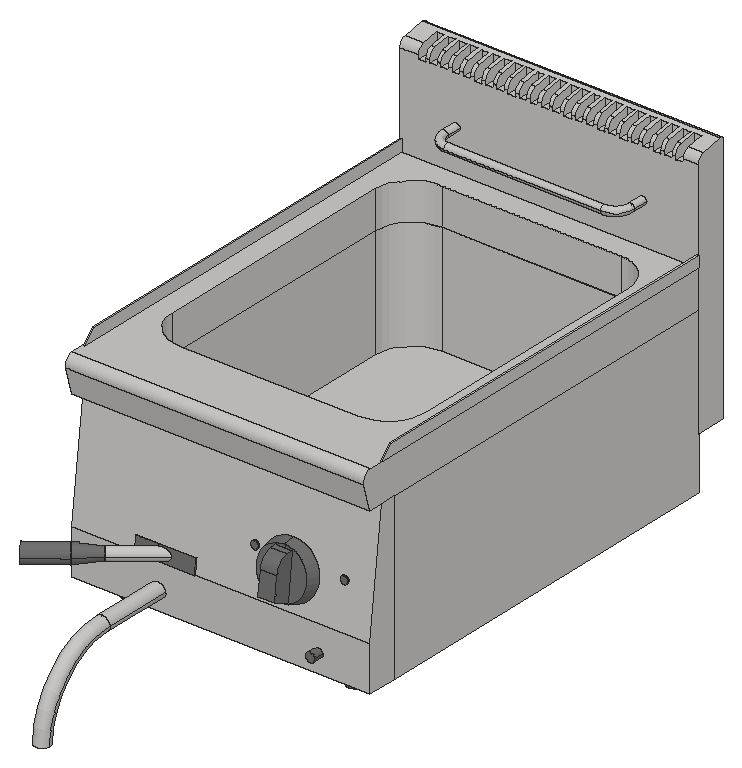
Revit family "QF_GIORIK_LFE4750", category Specialty Equipment, Revit 2014
Parameters (values of type "LFE4750")
  Weight in Pounds = 48.5016
  Watts = 3300 W
  Volts = 230 V
  URL Cutsheet = "www.giorik.com"
  URL = "www.giorik.com"
  Status [instance] = ""
  Specification by User [instance] = ""
  Specification by Manufacturer = ""
  Show Logo [instance] = yes
  Show Clearance [instance] = yes
  Serial Number = ""
  Seismic Rating = ""
  SMACNA No = ""
  Revision Code [instance] = ""
  Phase = 1
  Number of Poles [instance] = 1
  NAFEM Spec ID Number = ""
  Model = "LFE4750"
  Min Ckt Ampacity = 0 A
  Max Overcurrent Protection = 0 A
  Masterspec = ""
  Manufacturer = "GIORIK"
  Item Number [instance] = ""
  Installed By [instance] = ""
  Identify Quantity as Lot [instance] = no
  HP = "4.425366000000"
  Furnished By [instance] = ""
  Foodservice Equipment Identifier [instance] = yes
  FL Amps = 0 A
  Electrical Remarks [instance] = ""
  Electric Connection Type [instance] = ""
  Elec Conn RI Height [instance] = 0 mm
  Elec Conn Connection Height [instance] = 45 mm
  Description = "FRYER WITH FIXED HEATING ELEMENTS ELECTRIC 6 LT"
  Cycle = 50 Hz
  Conn Plug = ""
  CSI MasterFormat = ""
  Assembly Code = "E1090320"
  Apparent Power = 3300 VA
Reference planes
  plane 1 "Back": y = 0
  plane 2: z = 0
  plane 3 "Left": x = 0
  plane 4 "Right": x = 400
  plane 5 "Front": y = -600
  plane 6 "Top": z = 430
Forms (mm)
  Extrusion 1, solid
    sketch origin (0, 1000, -578.42) x (0, 1, 0) y (0, 0, 1)
      loop
        line (-1040.007, 869.975) -> (-1589.445, 869.975)
        arc (-1589.445, 869.975) -> (-1598.171, 865.672) -> (-1600.069, 856.13) r 10.999
        line (-1600.069, 856.13) -> (-1590.388, 820) -> (-1040.007, 820) -> (-1040.007, 869.975)
    from 0 to 400
  Extrusion 2, solid
    sketch origin (0, 0, -558.42) x (0, 1, 0) y (0, 0, 1)
      loop
        line (-570.06, 849.975) -> (-40.007, 849.975) -> (-40.007, 864.975) -> (-555.06, 864.975) -> (-570.06, 849.975)
    from 0 to 1.85
  Extrusion 3, solid
    sketch origin (0, 0, -558.42) x (0, 1, 0) y (0, 0, 1)
      loop
        line (-40.007, 800) -> (-550, 800) -> (-550, 580) -> (-40.007, 580) -> (-40.007, 800)
    from 0 to 400
  Extrusion 4, solid
    sketch origin (0, 0, -558.42) x (0, 1, 0) y (0, 0, 1)
      loop
        line (-550, 800) -> (-570.5, 800) -> (-590, 640) -> (-590, 580) -> (-550, 580) -> (-550, 800)
    from 0 to 400
  Extrusion 5, solid
    sketch origin (398.094, 0, -558.42) x (0, 1, 0) y (0, 0, 1)
      loop
        line (-570.06, 849.975) -> (-40.007, 849.975) -> (-40.007, 864.975) -> (-555.06, 864.975) -> (-570.06, 849.975)
    from -0.15 to 1.906
  Extrusion 6, solid
    sketch origin (0, 0, -558.42) x (0, 1, 0) y (0, 0, 1)
      loop
        line (-40.007, 974.217) -> (-40.007, 650.827) -> (0, 650.827) -> (0, 988.42)
        arc (0, 988.42) -> (-0.57, 989.648) -> (-1.878, 990) r 1.6
        line (-1.878, 990) -> (-31.072, 984.852)
        arc (-31.072, 984.852) -> (-37.477, 981.162) -> (-40.007, 974.217) r 10.797
    from 0 to 400
  Extrusion 7, solid
    sketch origin (368.319, 0, -561) x (1, 0, 0) y (0, 0, 1)
      loop
        circle (-38.319, 606) r 12.5
    from 20.007 to 40.007
  Extrusion 8, void
    sketch origin (10, 0, 431.58) x (0, 1, 0) y (-1, 0, 0)
      loop
        line (-40.007, -25) -> (-9.931, -25) -> (-9.931, -15) -> (-40.007, -15) -> (-40.007, -25)
      loop
        line (-40.007, -40) -> (-9.931, -40) -> (-9.931, -30) -> (-40.007, -30) -> (-40.007, -40)
      loop
        line (-40.007, -55) -> (-9.931, -55) -> (-9.931, -45) -> (-40.007, -45) -> (-40.007, -55)
      loop
        line (-40.007, -70) -> (-9.931, -70) -> (-9.931, -60) -> (-40.007, -60) -> (-40.007, -70)
      loop
        line (-40.007, -85) -> (-9.931, -85) -> (-9.931, -75) -> (-40.007, -75) -> (-40.007, -85)
      loop
        line (-40.007, -100) -> (-9.931, -100) -> (-9.931, -90) -> (-40.007, -90) -> (-40.007, -100)
      loop
        line (-40.007, -115) -> (-9.931, -115) -> (-9.931, -105) -> (-40.007, -105) -> (-40.007, -115)
      loop
        line (-40.007, -130) -> (-9.931, -130) -> (-9.931, -120) -> (-40.007, -120) -> (-40.007, -130)
      loop
        line (-40.007, -145) -> (-9.931, -145) -> (-9.931, -135) -> (-40.007, -135) -> (-40.007, -145)
      loop
        line (-40.007, -160) -> (-9.931, -160) -> (-9.931, -150) -> (-40.007, -150) -> (-40.007, -160)
      loop
        line (-40.007, -175) -> (-9.931, -175) -> (-9.931, -165) -> (-40.007, -165) -> (-40.007, -175)
      loop
        line (-40.007, -190) -> (-9.931, -190) -> (-9.931, -180) -> (-40.007, -180) -> (-40.007, -190)
      loop
        line (-40.007, -205) -> (-9.931, -205) -> (-9.931, -195) -> (-40.007, -195) -> (-40.007, -205)
      loop
        line (-40.007, -220) -> (-9.931, -220) -> (-9.931, -210) -> (-40.007, -210) -> (-40.007, -220)
      loop
        line (-40.007, -235) -> (-9.931, -235) -> (-9.931, -225) -> (-40.007, -225) -> (-40.007, -235)
      loop
        line (-40.007, -250) -> (-9.931, -250) -> (-9.931, -240) -> (-40.007, -240) -> (-40.007, -250)
      loop
        line (-40.007, -265) -> (-9.931, -265) -> (-9.931, -255) -> (-40.007, -255) -> (-40.007, -265)
      loop
        line (-40.007, -280) -> (-9.931, -280) -> (-9.931, -270) -> (-40.007, -270) -> (-40.007, -280)
      loop
        line (-40.007, -295) -> (-9.931, -295) -> (-9.931, -285) -> (-40.007, -285) -> (-40.007, -295)
      loop
        line (-40.007, -310) -> (-9.931, -310) -> (-9.931, -300) -> (-40.007, -300) -> (-40.007, -310)
      loop
        line (-40.007, -325) -> (-9.931, -325) -> (-9.931, -315) -> (-40.007, -315) -> (-40.007, -325)
      loop
        line (-40.007, -340) -> (-9.931, -340) -> (-9.931, -330) -> (-40.007, -330) -> (-40.007, -340)
      loop
        line (-40.007, -355) -> (-9.931, -355) -> (-9.931, -345) -> (-40.007, -345) -> (-40.007, -355)
      loop
        line (-40.007, -370) -> (-9.931, -370) -> (-9.931, -360) -> (-40.007, -360) -> (-40.007, -370)
    from 0 to -20
  Extrusion 9, solid
    sketch origin (566.603, 14.286, -28.42) x (0, 1, 0) y (-1, 0, 0)
      loop
        circle (-79.293, 516.603) r 5
    from 40.385 to 50
  Revolve 10, solid
    sketch origin (50, 18.936, -600) x (0, 1, 0) y (0, 0, 1)
      loop
        line (-83.943, 611.965) -> (-94.752, 611.965) -> (-97.943, 600) -> (-83.943, 600) -> (-83.943, 611.965)
      axis (-83.943, 611.965) -> (-83.943, 600)
    angle from 0 to 360
  Extrusion 11, solid
    sketch origin (-166.603, 14.286, -28.42) x (0, 1, 0) y (-1, 0, 0)
      loop
        circle (-79.293, -516.603) r 5
    from 40.385 to 50
  Revolve 12, solid
    sketch origin (350, 18.936, -600) x (0, 1, 0) y (0, 0, -1)
      loop
        line (-83.943, -611.965) -> (-83.943, -600) -> (-97.943, -600) -> (-94.752, -611.965) -> (-83.943, -611.965)
      axis (-83.943, -611.965) -> (-83.943, -600)
    angle from 0 to 360
  Extrusion 13, solid
    sketch origin (566.603, -469.707, -30) x (0, 1, 0) y (-1, 0, 0)
      loop
        circle (-79.293, 516.603) r 5
    from 41.965 to 51.58
  Revolve 14, solid
    sketch origin (50, -465.057, -600) x (0, 1, 0) y (0, 0, 1)
      loop
        line (-83.943, 611.965) -> (-94.752, 611.965) -> (-97.943, 600) -> (-83.943, 600) -> (-83.943, 611.965)
      axis (-83.943, 611.965) -> (-83.943, 600)
    angle from 0 to 360
  Extrusion 15, solid
    sketch origin (-166.603, -469.707, -30) x (0, 1, 0) y (-1, 0, 0)
      loop
        circle (-79.293, -516.603) r 5
    from 41.965 to 51.58
  Revolve 16, solid
    sketch origin (350, -465.057, -600) x (0, 1, 0) y (0, 0, -1)
      loop
        line (-83.943, -611.965) -> (-83.943, -600) -> (-97.943, -600) -> (-94.752, -611.965) -> (-83.943, -611.965)
      axis (-83.943, -611.965) -> (-83.943, -600)
    angle from 0 to 360
  Extrusion 17, void
    sketch origin (0, 0, 430) x (0, 1, 0) y (-1, 0, 0)
      loop
        arc (-70, -80) -> (-84.645, -44.645) -> (-120, -30) r 50
        line (-120, -30) -> (-460, -30)
        arc (-460, -30) -> (-495.355, -44.645) -> (-510, -80) r 50
        line (-510, -80) -> (-510, -320.349)
        arc (-510, -320.349) -> (-495.355, -355.704) -> (-460, -370.349) r 50
        line (-460, -370.349) -> (-120, -370.349)
        arc (-120, -370.349) -> (-84.645, -355.704) -> (-70, -320.349) r 50
        line (-70, -320.349) -> (-70, -80)
    from -97.843 to -337.592
  Sweep 18, solid
    path origin (0, -95.007, 346.556) x (0, 1, 0) y (-1, 0, 0)
      loop
        line (55, -75) -> (35, -75)
        arc (35, -75) -> (20.858, -80.858) -> (15, -95) r 20
        line (15, -95) -> (15, -305)
        arc (15, -305) -> (20.858, -319.142) -> (35, -325) r 20
        line (35, -325) -> (55, -325)
    profile origin (75, -50.007, 346.556) x (1, 0, 0) y (0, 0, 1)
      loop
        circle (0, 0) r 5
  Sweep 19, solid
    path origin (115, 226.022, -176.065) x (0, 1, 0) y (0, 0, 1)
      loop
        line (-814.022, 222.645) -> (-909.022, 222.645)
        arc (-909.022, 222.645) -> (-979.733, 193.356) -> (-1009.022, 122.645) r 100
    profile origin (115, -635.5, 46.58) x (0, 0, -1) y (1, 0, 0)
      loop
        circle (0, 0) r 10
  Extrusion 20, solid
    sketch origin (-434.91, -588.777, -671.509) x (1, 0, 0) y (0, 0.001091, 0.999999)
      loop
        circle (764.91, 718.089) r 6
    from 0 to 15
  Blend 21, solid
    base sketch origin (616.882, -104.536, -902.739) x (0.615661, -0.788011, 0) y (0, 0, 1)
      loop
        circle (76.097, 994.319) r 8
    top sketch origin (616.882, -104.536, -902.739) x (0.615661, -0.788011, 0) y (0, 0, 1)
      loop
        circle (76.097, 994.319) r 12
    from 750.092 to 785.1
  Extrusion 22, solid
    sketch origin (608.056, -96.203, -914.17) x (0.615661, -0.788011, 0) y (0, 0, 1)
      loop
        circle (88.097, 1005.786) r 12
    from 783.275 to 836.3
  Extrusion 23, solid
    sketch origin (-402.728, -17.847, -369.564) x (-0.615661, 0.788011, 0) y (0, 0, 1)
      loop
        circle (-772.143, 461.145) r 8
    from 0 to 79.992
  Extrusion 24, solid
    sketch origin (0, -17.89, -65.171) x (1, 0, 0) y (0, 0.12098, 0.992655)
      loop
        line (84.851, 96.58) -> (84.851, 76.58) -> (164.851, 76.58) -> (164.851, 96.58) -> (84.851, 96.58)
    from 584.669 to 586.623
  Revolve 25, solid
    sketch origin (300.155, 0.456, -559.632) x (0, 1, 0) y (0, 0, 1)
      loop
        line (-598.03, 706.389) -> (-594.27, 737.013) -> (-609.648, 734.852) -> (-613.772, 701.269) -> (-581.482, 697.305) -> (-580.629, 704.252) -> (-598.03, 706.389)
      axis (-581.482, 697.305) -> (-613.772, 701.269)
    angle from 0 to 360
  Extrusion 26, solid
    sketch origin (137.169, 0.456, -559.632) x (0, 1, 0) y (0, 0, 1)
      loop
        line (-635.843, 711.553) -> (-639.647, 680.575) -> (-617.415, 671.593) -> (-610.135, 730.882) -> (-617.934, 729.786)
        arc (-617.934, 729.786) -> (-629.982, 723.708) -> (-635.843, 711.553) r 20.998
    from 151.831 to 173.831
  Extrusion 27, solid
    sketch origin (249, -596.729, 1.336) x (1, 0, 0) y (0, 0.099832, 0.995004)
      loop
        circle (111, 140.949) r 5
    from 0 to 0.966
  Extrusion 28, solid
    sketch origin (151.155, -596.729, 1.336) x (1, 0, 0) y (0, 0.099832, 0.995004)
      loop
        circle (89, 140.949) r 5
    from 0 to 0.966
Cuts and joins
  Extrusion 8 cuts Extrusion 6
  Extrusion 17 cuts Extrusion 1
  Extrusion 17 cuts Extrusion 3
Lines and regions (mm)
  symbolic lines, style "200-EquipInternal-2D"
    curve 1: line (25, -9.931, 290) -> (25, -40.007, 290)
    curve 2: line (35, -40.007, 290) -> (35, -9.931, 290)
    curve 3: line (40, -9.931, 290) -> (40, -40.007, 290)
    curve 4: line (50, -40.007, 290) -> (50, -9.931, 290)
    curve 5: line (55, -9.931, 290) -> (55, -40.007, 290)
    curve 6: line (65, -40.007, 290) -> (65, -9.931, 290)
    curve 7: line (85, -9.931, 290) -> (85, -40.007, 290)
    curve 8: line (95, -40.007, 290) -> (95, -9.931, 290)
    curve 9: line (100, -9.931, 290) -> (100, -40.007, 290)
    curve 10: line (110, -40.007, 290) -> (110, -9.931, 290)
    curve 11: line (140, -40.007, 290) -> (140, -9.931, 290)
    curve 12: line (130, -9.931, 290) -> (130, -40.007, 290)
    curve 13: line (155, -40.007, 290) -> (155, -9.931, 290)
    curve 14: line (160, -9.931, 290) -> (160, -40.007, 290)
    curve 15: line (170, -40.007, 290) -> (170, -9.931, 290)
    curve 16: line (145, -9.931, 290) -> (145, -40.007, 290)
    curve 17: line (200, -40.007, 290) -> (200, -9.931, 290)
    curve 18: line (190, -9.931, 290) -> (190, -40.007, 290)
    curve 19: line (205, -9.931, 290) -> (205, -40.007, 290)
    curve 20: line (215, -40.007, 290) -> (215, -9.931, 290)
    curve 21: line (220, -9.931, 290) -> (220, -40.007, 290)
    curve 22: line (230, -40.007, 290) -> (230, -9.931, 290)
    curve 23: line (250, -9.931, 290) -> (250, -40.007, 290)
    curve 24: line (260, -40.007, 290) -> (260, -9.931, 290)
    curve 25: line (265, -9.931, 290) -> (265, -40.007, 290)
    curve 26: line (275, -40.007, 290) -> (275, -9.931, 290)
    curve 27: line (280, -9.931, 290) -> (280, -40.007, 290)
    curve 28: line (290, -40.007, 290) -> (290, -9.931, 290)
    curve 29: line (320, -40.007, 290) -> (320, -9.931, 290)
    curve 30: line (310, -9.931, 290) -> (310, -40.007, 290)
    curve 31: line (335, -40.007, 290) -> (335, -9.931, 290)
    curve 32: line (325, -9.931, 290) -> (325, -40.007, 290)
    curve 33: line (340, -9.931, 290) -> (340, -40.007, 290)
    curve 34: line (350, -40.007, 290) -> (350, -9.931, 290)
    curve 35: line (370, -9.931, 290) -> (370, -40.007, 290)
    curve 36: line (380, -40.007, 290) -> (380, -9.931, 290)
    curve 37: line (380, -9.931, 290) -> (370, -9.931, 290)
    curve 38: line (350, -9.931, 290) -> (340, -9.931, 290)
    curve 39: line (335, -9.931, 290) -> (325, -9.931, 290)
    curve 40: line (320, -9.931, 290) -> (310, -9.931, 290)
    curve 41: line (275, -9.931, 290) -> (265, -9.931, 290)
    curve 42: line (110, -9.931, 290) -> (100, -9.931, 290)
    curve 43: line (95, -9.931, 290) -> (85, -9.931, 290)
    curve 44: line (65, -9.931, 290) -> (55, -9.931, 290)
    curve 45: line (35, -9.931, 290) -> (25, -9.931, 290)
    curve 46: line (140, -9.931, 290) -> (130, -9.931, 290)
    curve 47: line (155, -9.931, 290) -> (145, -9.931, 290)
    curve 48: line (170, -9.931, 290) -> (160, -9.931, 290)
    curve 49: line (200, -9.931, 290) -> (190, -9.931, 290)
    curve 50: line (215, -9.931, 290) -> (205, -9.931, 290)
    curve 51: line (230, -9.931, 290) -> (220, -9.931, 290)
    curve 52: line (260, -9.931, 290) -> (250, -9.931, 290)
    curve 53: line (50, -9.931, 290) -> (40, -9.931, 290)
    curve 54: line (70, -9.931, 430) -> (70, -40.007, 430)
    curve 55: line (80, -40.007, 430) -> (80, -9.931, 430)
    curve 56: line (80, -9.931, 430) -> (70, -9.931, 430)
    curve 57: line (175, -9.931, 430) -> (175, -40.007, 430)
    curve 58: line (185, -40.007, 430) -> (185, -9.931, 430)
    curve 59: line (185, -9.931, 430) -> (175, -9.931, 430)
    curve 60: line (235, -9.931, 430) -> (235, -40.007, 430)
    curve 61: line (245, -40.007, 430) -> (245, -9.931, 430)
    curve 62: line (245, -9.931, 430) -> (235, -9.931, 430)
    curve 63: line (290, -9.931, 430) -> (280, -9.931, 430)
    curve 64: line (305, -9.931, 430) -> (295, -9.931, 430)
    curve 65: line (295, -9.931, 430) -> (295, -40.007, 430)
    curve 66: line (305, -40.007, 430) -> (305, -9.931, 430)
    curve 67: line (355, -9.931, 430) -> (355, -40.007, 430)
    curve 68: line (365, -40.007, 430) -> (365, -9.931, 430)
    curve 69: line (365, -9.931, 430) -> (355, -9.931, 430)
    curve 70: line (400, -9.931, 430) -> (400, -40.007, 430)
    curve 71: line (125, -9.931, 430) -> (115, -9.931, 430)
    curve 72: line (115, -9.931, 430) -> (115, -40.007, 430)
    curve 73: line (125, -40.007, 430) -> (125, -9.931, 430)
    curve 78: line (397.944, -570.06, 430) -> (400, -570.06, 430)
    curve 79: line (397.944, -40.007, 430) -> (397.944, -570.06, 430)
    curve 80: line (83.813, -70, 430) -> (316.099, -70, 430)
    curve 81: line (370, -120, 430) -> (370, -460, 430)
    curve 82: line (30, -460, 430) -> (30, -120, 430)
    curve 83: arc (80, -510, 430) -> (44.645, -495.355, 430) -> (30, -460, 430) r 50
    curve 84: line (320, -510, 430) -> (80, -510, 430)
    curve 85: arc (370, -460, 430) -> (355.355, -495.355, 430) -> (320, -510, 430) r 50
    curve 86: line (0, -570.06, 430) -> (1.85, -570.06, 430)
    curve 87: line (1.85, -570.06, 430) -> (1.85, -40.007, 430)
    curve 88: line (1.85, -40.007, 430) -> (397.944, -40.007, 430)
    curve 89: arc (72.184, -70.615, 430) -> (41.982, -87.525, 430) -> (30, -120, 430) r 50
    curve 90: arc (370, -120, 430) -> (358.007, -87.512, 430) -> (327.782, -70.609, 430) r 50
    curve 91: line (320, -40.007, 430) -> (320, -60.789, 430)
    curve 92: line (330, -60.401, 430) -> (330, -40.007, 430)
    curve 93: line (305.79, -74.999, 430) -> (94.451, -74.999, 430)
    curve 94: line (94.495, -84.999, 430) -> (305.402, -84.999, 430)
    curve 95: arc (305.402, -84.999, 430) -> (322.796, -77.794, 430) -> (330, -60.401, 430) r 24.598
    curve 96: arc (320, -60.789, 430) -> (315.838, -70.837, 430) -> (305.79, -74.999, 430) r 14.21
    curve 97: line (70, -40.007, 430) -> (70, -60.504, 430)
    curve 98: line (80, -60.007, 430) -> (80, -40.007, 430)
    curve 99: arc (80, -60.007, 430) -> (84.201, -70.418, 430) -> (94.451, -74.999, 430) r 15.002
    curve 100: arc (70, -60.504, 430) -> (77.174, -77.824, 430) -> (94.495, -84.999, 430) r 24.495
  symbolic lines, style "200-EquipBorder-2D"
    curve 74: line (400, 0, 430) -> (0, 0, 430)
    curve 75: line (400, -600, 430) -> (400, 0, 430)
    curve 76: line (0, 0, 430) -> (0, -600, 430)
    curve 77: line (0, -600, 430) -> (400, -600, 430)
    curve 101: line (105, -611.182, 430) -> (105, -783, 430)
    curve 102: line (125, -783, 430) -> (125, -600, 430)
    curve 103: arc (105, -783, 430) -> (115, -793, 430) -> (125, -783, 430) r 10
    curve 104: line (77.576, -632.608, 430) -> (105, -611.182, 430)
    curve 105: line (67.725, -620, 430) -> (93.324, -600, 430)
    curve 106: line (52.373, -657.375, 430) -> (10.668, -689.958, 430)
    curve 107: line (10.668, -689.958, 430) -> (-4.108, -671.046, 430)
    curve 108: line (-4.108, -671.046, 430) -> (37.676, -638.401, 430)
    curve 109: line (37.676, -638.401, 430) -> (67.725, -620, 430)
    curve 110: line (77.576, -632.608, 430) -> (52.373, -657.375, 430)
    curve 111: spline (289, -617.202, 990) -> (285.789, -617.041, 990) -> (282.73, -616.841, 990) -> (279.856, -616.604, 990) -> (277.196, -616.332, 990) -> (274.779, -616.028, 990) -> (272.63, -615.696, 990) -> (270.772, -615.338, 990) -> (269.225, -614.96, 990) -> (268.004, -614.563, 990) -> (267.122, -614.154, 990) -> (266.59, -613.736, 990) -> (266.412, -613.313, 990)
    curve 112: spline (334.073, -613.408, 990) -> (333.819, -613.826, 990) -> (333.218, -614.239, 990) -> (332.275, -614.643, 990) -> (331.001, -615.033, 990) -> (329.408, -615.405, 990) -> (327.513, -615.755, 990) -> (325.336, -616.08, 990) -> (322.898, -616.376, 990) -> (320.227, -616.641, 990) -> (317.348, -616.871, 990) -> (314.293, -617.065, 990) -> (311.091, -617.219, 990)
    curve 113: line (266.412, -613.313, 990) -> (262.735, -600, 990)
    curve 114: line (334.073, -613.408, 990) -> (337.578, -600, 990)
    curve 115: line (289, -639.19, 430) -> (289, -609.679, 430)
    curve 116: line (289, -639.19, 430) -> (311, -639.19, 430)
    curve 117: line (311, -639.19, 430) -> (311, -609.679, 430)
    curve 118: spline (266.412, -613.313, 430) -> (267.564, -612.264, 430) -> (270.941, -611.286, 430) -> (276.314, -610.446, 430) -> (283.316, -609.802, 430) -> (291.47, -609.396, 430) -> (300.22, -609.258, 430) -> (308.97, -609.396, 430) -> (317.124, -609.802, 430) -> (324.126, -610.446, 430) -> (329.499, -611.286, 430) -> (332.877, -612.264, 430) -> (334.029, -613.313, 430)
    curve 119: line (289, -609.679, 430) -> (311, -609.679, 430)
Dimensions and locks
  plane 3 "Left" to plane 4 "Right" = 400 mm
  plane 5 "Front" to plane 1 "Back" = 600 mm
  plane 4 "Right" to plane 3 "Left" = 400 mm
  plane 1 "Back" to plane 5 "Front" = 600 mm
  plane 6 "Top" to level = 430 mm  (x2)
  aligned and locked: level to plane 2
Connectors
  electrical at (330, -20.007, 45), driven by "Apparent Power", driven by "Volts", driven by "Number of Poles"
    settings: on Extrusion 7, index 1, voltage 230 V, apparent load 0 VA, apparent load phase1 3300 VA, apparent load phase2 0 VA, apparent load phase3 0 VA, power factor 1, load classification "Other", number of poles 1, system type 31, power factor state 1, is connector primary yes, connector utility no, sub classification motor no, connector description "Electrical connection"
